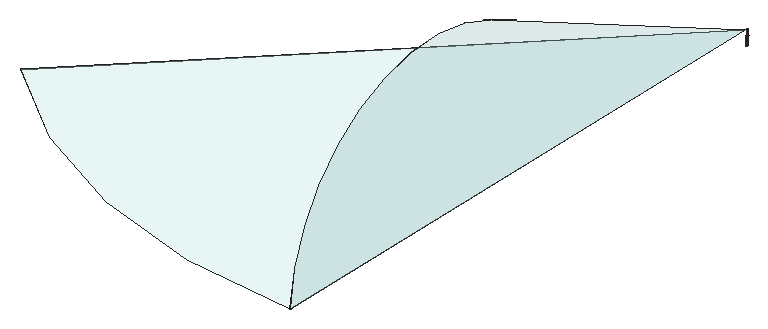
Revit family "Rotor 5000 Series - 5006+PCSAMRNP", category Acessórios do tubo, Revit 2020
Family settings
  Cota do conector redondo = Utilizar diâmetro
  Tipo de parte = Normal
  Número OmniClass = 23.60.30.11.14
  Título OmniClass = Pipework Fittings
  Com base no plano de trabalho = Não
  Sempre na vertical = Sim
  Corte com vazios quando carregada = Não
  Compartilhado = Não
Parameters (values of type "Rain Curtain 6.0")
  Water = Water
  URL = "https://www.rainbird.com/"
  TABLE 65 = "TABLE 65psi"
  TABLE 55 75 = "TABLE 55 75psi"
  TABLE 55 = "TABLE 55psi"
  TABLE 45 = "TABLE 45psi"
  TABLE 35 = "TABLE 35psi"
  TABLE 25 = "TABLE 25psi"
  SupportProjetos: Reviw Date = ""  # constant formula
  SupportProjetos: Reviw = "R00"  # constant formula
  SupportProjetos: Level of Detail = "LOD 300"  # constant formula
  SupportProjetos: Developed = "MICHEL SOARES MOTA"  # constant formula
  SupportProjetos: Creation Date = "07/08/2020"  # constant formula
  Side inlet = no
  Rotation Water Visibility [instance] = Pop up on  # yes
  Rotation Angle [instance] = 45.00°
  RainBird: Product Link = "https://www.rainbird.com/"
  RainBird: Description = "5006+PC-SAM-R-NP Rotor "  # constant formula
  RainBird: Comment [instance] = ""
  RainBird: Code = "Y65870NP"  # constant formula
  Radius [instance] = if(and(Pressure = 25.0 psi, Instance < 25 ft), size_lookup(TABLE 25, "Radius", 0 ft, Instance), if(and(Pressure = 35.0 psi, Instance < 25 ft), size_lookup(TABLE 35, "Radius", 0 ft, Instance), if(and(Pressure = 45.0 psi, Instance < 25 ft), size_lookup(TABLE 45, "Radius", 0 ft, Instance), if(and(Pressure = 55.0 psi, Instance < 13 ft), size_lookup(TABLE 55, "Radius", 0 ft, Instance), if(and(Pressure = 65.0 psi, Instance < 13 ft), size_lookup(TABLE 65, "Radius", 0 ft, Instance), if(and(Pressure > 55.0 psi, Instance > 13 ft), size_lookup(TABLE 55 75, "Radius", 0 ft, Instance), 0 ft))))))  # 50 ft
  RT = 0.009893 ft
  RN = 0.032808 ft
  R5 = 0.03937 ft
  R4 = 0.04101 ft
  R3 = 0.065617 ft
  R2 = 0.075407 ft
  R1 = 0.032808 ft
  Pressure [instance] = 55.0 psi
  Pop up height = 0.499 ft  # constant formula
  Pop up on [instance] = yes
  Modelo = "5006+PCSAMRNP"  # constant formula
  Instance = 7 ft
  H1 = Body height / 3  # 0.268 ft
  Flow [instance] = if(and(Pressure = 25.0 psi, Instance < 25 ft), size_lookup(TABLE 25, "Flow", 0.0 GPM, Instance), if(and(Pressure = 35.0 psi, Instance < 25 ft), size_lookup(TABLE 35, "Flow", 0.0 GPM, Instance), if(and(Pressure = 45.0 psi, Instance < 25 ft), size_lookup(TABLE 45, "Flow", 0.0 GPM, Instance), if(and(Pressure = 55.0 psi, Instance < 13 ft), size_lookup(TABLE 55, "Flow", 0.0 GPM, Instance), if(and(Pressure = 65.0 psi, Instance < 13 ft), size_lookup(TABLE 65, "Flow", 0.0 GPM, Instance), if(and(Pressure > 55.0 psi, Instance > 13 ft), size_lookup(TABLE 55 75, "Flow", 0.0 GPM, Instance), 0.0 GPM))))))  # 6.63 GPM
  Fabricante = "Rain Bird"
  Elevação padrão = 0 ft
  Description = RainBird: Description  # "5006+PC-SAM-R-NP Rotor "
  DD13 = 0.002625 ft
  DD12 = 0.003937 ft
  DD11 = 0.009897 ft
  DD10 = 0.016404 ft
  DD8 [instance] = if(Pop up on, Pop up height, 0 ft)  # 0.499 ft
  DD7 = 0.019685 ft
  DD6 [instance] = 0.016404 ft
  DD5 = 0.065617 ft
  DD4 = 0.032808 ft
  DD3 = 0.091048 ft
  DD2 [instance] = 0.024514 ft
  DD9 [instance] = if(Pop up on, Pop up height + 0.049541 ft, 0 ft)  # 0.548541 ft
  DD1 = 0.006562 ft
  Conection = 0.062664 ft  # constant formula
  Body height = 0.804 ft  # constant formula
  Blue = Blue Plastic
  Black Plastic = Black Plastic
  Angle = 25.00°
Types (25, lengths in ft): name | Rotation Angle | Radius | Pressure | Instance | Flow
  (no name) | 45.00° | 50 | 55.0 psi | 7 | 6.63 GPM
  Rain Curtain 1.5 | 180.00° | 33 | 25.0 psi | 1 | 1.12 GPM
  Rain Curtain 2.0 | 180.00° | 35 | 25.0 psi | 2 | 1.5 GPM
  Rain Curtain 3.0 | 180.00° | 36 | 25.0 psi | 4 | 2.26 GPM
  Rain Curtain 4.0 | 180.00° | 36 | 25.0 psi | 5 | 2.91 GPM
  Rain Curtain 5.0 | 180.00° | 37 | 25.0 psi | 6 | 3.72 GPM
  Rain Curtain 6.0 | 45.00° | 50 | 55.0 psi | 7 | 6.63 GPM
  Rain Curtain 8.0 | 180.00° | 33 | 25.0 psi | 8 | 5.9 GPM
  Rain Curtain 2.5 | 180.00° | 35 | 25.0 psi | 3 | 1.81 GPM
  1.0 LA | 180.00° | 25 | 25.0 psi | 9 | 0.76 GPM
  1.5 LA | 180.00° | 27 | 25.0 psi | 10 | 1.15 GPM
  2.0 LA | 180.00° | 29 | 25.0 psi | 11 | 1.47 GPM
  3.0 LA | 180.00° | 29 | 25.0 psi | 12 | 2.23 GPM
  PRS Rain Curtain 1.5 | 180.00° | 33 | 25.0 psi | 13 | 1.12 GPM
  PRS Rain Curtain 2.0 | 180.00° | 35 | 25.0 psi | 14 | 1.5 GPM
  PRS Rain Curtain 2.5 | 180.00° | 35 | 25.0 psi | 15 | 1.81 GPM
  PRS Rain Curtain 3.0 | 180.00° | 36 | 25.0 psi | 16 | 2.26 GPM
  PRS Rain Curtain 4.0 | 180.00° | 36 | 25.0 psi | 17 | 2.91 GPM
  PRS Rain Curtain 5.0 | 180.00° | 37 | 25.0 psi | 18 | 3.72 GPM
  PRS Rain Curtain 6.0 | 180.00° | 37 | 25.0 psi | 19 | 4.25 GPM
  PRS Rain Curtain 8.0 | 180.00° | 33 | 25.0 psi | 20 | 5.9 GPM
  PRS 1.0 LA | 180.00° | 25 | 25.0 psi | 21 | 0.76 GPM
  PRS 1.5 LA | 180.00° | 27 | 25.0 psi | 22 | 1.15 GPM
  PRS 2.0 LA | 180.00° | 29 | 25.0 psi | 23 | 1.47 GPM
  PRS 3.0 LA | 180.00° | 29 | 25.0 psi | 24 | 2.23 GPM
Reference planes (ft)
  plane 1 "Centro (Frente/Trás)": y = 0
  plane 2: z = 0
  plane 3 "Centro (Esquerda/Direita)": x = 0
  plane 4: z = 0.003937
  plane 5: z = 0.002625
  plane 6: y = -0.065617
Forms (ft)
  Revolve 1, solid, material "Black Plastic" <- "Black Plastic"
    sketch origin (0, 0, 0) x (1, 0, 0) y (0, 0, 1)
      loop
        line (0.075407, -0.091048) -> (0.075407, -0.035324)
        arc (0.075407, -0.035324) -> (0.072509, -0.028329) -> (0.065514, -0.025431) r 0.009893
        line (0.065514, -0.025431) -> (0.046098, -0.025431) -> (0.046098, 0) -> (0.03937, 0) -> (0.03937, -0.499) -> (0.019685, -0.499) -> (0.019685, -0.797438) -> (0.032808, -0.797438) -> (0.032808, -0.804) -> (0.04101, -0.804) -> (0.04101, -0.797438) -> (0.055724, -0.797438)
        arc (0.055724, -0.797438) -> (0.062719, -0.794541) -> (0.065617, -0.787545) r 0.009893
        line (0.065617, -0.787545) -> (0.065617, -0.091048) -> (0.075407, -0.091048)
      axis (0, -0.804) -> (0, 0)
    angle from 0 to 360
  Extrusion 2, solid, material "Black Plastic" <- "Black Plastic"
    sketch origin (0, 0, 0) x (1, 0, 0) y (0, 1, 0)
      loop
        circle (0, 0) r 0.032808
    from -0.499 to 0.499
  Extrusion 3, void
    sketch origin (0, 0, 0) x (1, 0, 0) y (0, 1, 0)
      loop
        circle (0, 0) r 0.022844
    from -0.499 to 0.499
  Revolve 4, solid, material "Black Plastic" <- "Black Plastic"
    sketch origin (0, 0, 0) x (1, 0, 0) y (0, 0, 1)
      loop
        line (0, 0.499) -> (0.037004, 0.499) -> (0.037004, 0.508897)
        arc (0.037004, 0.508897) -> (0.01879, 0.51379) -> (0, 0.515404) r 0.10685
        line (0, 0.515404) -> (0, 0.499)
      axis (0, 0.499) -> (0, 0.515404)
    angle from 0 to 360
  Extrusion 5, solid, material "Blue Plastic" <- "Blue"
    sketch origin (0, 0, 0) x (1, 0, 0) y (0, 0, 1)
      loop
        circle (0, 0.474486) r 0.009129
      loop
        circle (0, 0.474486) r 0.004793
    from 0 to 0.034386
  Extrusion 6, void
    sketch origin (0, 0, 0) x (1, 0, 0) y (0, 0, 1)
      loop
        line (-0.02074, 0.328055) -> (-0.02074, 0.282426) -> (0.020672, 0.282426) -> (0.020672, 0.328055) -> (-0.02074, 0.328055)
      loop
        line (-0.018439, 0.325179) -> (-0.018439, 0.285685) -> (0.018179, 0.285685) -> (0.018179, 0.325179) -> (-0.018439, 0.325179)
    from 0.024556 to 0.06931
  Extrusion 7, solid, material "Black Plastic" <- "Black Plastic"
    sketch origin (0, 0, 0) x (1, 0, 0) y (0, 0, 1)
      loop
        line (0.046098, 0) -> (0.046098, -0.036876) -> (0.073493, -0.036876) -> (0.046098, 0)
    from -0.002998 to 0.002998
  Extrusion 8, solid, material "Black Plastic" <- "Black Plastic"
    sketch origin (0, 0, 0) x (-1, 0, 0) y (0, 0, -1)
      loop
        line (0.046098, 0) -> (0.073493, 0.036876) -> (0.046098, 0.036876) -> (0.046098, 0)
    from -0.002998 to 0.002998
  Extrusion 9, solid, material "Black Plastic" <- "Black Plastic"
    sketch origin (0, 0, 0) x (0.866025, 0.5, 0) y (0, 0, 1)
      loop
        line (0.046098, 0) -> (0.046098, -0.036876) -> (0.073493, -0.036876) -> (0.046098, 0)
    from -0.002998 to 0.002998
  Extrusion 10, solid, material "Black Plastic" <- "Black Plastic"
    sketch origin (0, 0, 0) x (-0.866025, -0.5, 0) y (0, 0, -1)
      loop
        line (0.046098, 0) -> (0.073493, 0.036876) -> (0.046098, 0.036876) -> (0.046098, 0)
    from -0.002998 to 0.002998
  Extrusion 11, solid, material "Black Plastic" <- "Black Plastic"
    sketch origin (0, 0, 0) x (0, 1, 0) y (0, 0, 1)
      loop
        line (0.046098, 0) -> (0.046098, -0.036876) -> (0.073493, -0.036876) -> (0.046098, 0)
    from -0.002998 to 0.002998
  Extrusion 12, solid, material "Black Plastic" <- "Black Plastic"
    sketch origin (0, 0, 0) x (0, -1, 0) y (0, 0, -1)
      loop
        line (0.046098, 0) -> (0.073493, 0.036876) -> (0.046098, 0.036876) -> (0.046098, 0)
    from -0.002998 to 0.002998
  Extrusion 13, solid, material "Black Plastic" <- "Black Plastic"
    sketch origin (0, 0, 0) x (0.5, 0.866025, 0) y (0, 0, 1)
      loop
        line (0.046098, 0) -> (0.046098, -0.036876) -> (0.073493, -0.036876) -> (0.046098, 0)
    from -0.002998 to 0.002998
  Extrusion 14, solid, material "Black Plastic" <- "Black Plastic"
    sketch origin (0, 0, 0) x (-0.5, -0.866025, 0) y (0, 0, -1)
      loop
        line (0.046098, 0) -> (0.073493, 0.036876) -> (0.046098, 0.036876) -> (0.046098, 0)
    from -0.002998 to 0.002998
  Extrusion 15, solid, material "Black Plastic" <- "Black Plastic"
    sketch origin (0, 0, 0) x (-0.5, 0.866025, 0) y (0, 0, 1)
      loop
        line (0.046098, 0) -> (0.046098, -0.036876) -> (0.073493, -0.036876) -> (0.046098, 0)
    from -0.002998 to 0.002998
  Extrusion 16, solid, material "Black Plastic" <- "Black Plastic"
    sketch origin (0, 0, 0) x (0.5, -0.866025, 0) y (0, 0, -1)
      loop
        line (0.046098, 0) -> (0.073493, 0.036876) -> (0.046098, 0.036876) -> (0.046098, 0)
    from -0.002998 to 0.002998
  Extrusion 17, solid, material "Black Plastic" <- "Black Plastic"
    sketch origin (0, 0, 0) x (-0.866025, 0.5, 0) y (0, 0, 1)
      loop
        line (0.046098, 0) -> (0.046098, -0.036876) -> (0.073493, -0.036876) -> (0.046098, 0)
    from -0.002998 to 0.002998
  Extrusion 18, solid, material "Black Plastic" <- "Black Plastic"
    sketch origin (0, 0, 0) x (0.866025, -0.5, 0) y (0, 0, -1)
      loop
        line (0.046098, 0) -> (0.073493, 0.036876) -> (0.046098, 0.036876) -> (0.046098, 0)
    from -0.002998 to 0.002998
  Extrusion 19, void
    sketch origin (0, 0, 0) x (1, 0, 0) y (0, 1, 0)
      loop
        line (-0.002998, 0.077702) -> (-0.002998, 0.071655) -> (0.002998, 0.071655) -> (0.002998, 0.077702) -> (-0.002998, 0.077702)
    from -0.091048 to 0.82021
  Extrusion 20, void
    sketch origin (0, 0, 0) x (1, 0, 0) y (0, 1, 0)
      loop
        line (0.002998, -0.077702) -> (0.002998, -0.071655) -> (-0.002998, -0.071655) -> (-0.002998, -0.077702) -> (0.002998, -0.077702)
    from -0.091048 to 0.82021
  Extrusion 21, void
    sketch origin (0, 0, 0) x (0.965926, 0.258819, 0) y (-0.258819, 0.965926, 0)
      loop
        line (-0.002998, 0.077702) -> (-0.002998, 0.071655) -> (0.002998, 0.071655) -> (0.002998, 0.077702) -> (-0.002998, 0.077702)
    from -0.091048 to 0.82021
  Extrusion 22, void
    sketch origin (0, 0, 0) x (0.965926, 0.258819, 0) y (-0.258819, 0.965926, 0)
      loop
        line (0.002998, -0.077702) -> (0.002998, -0.071655) -> (-0.002998, -0.071655) -> (-0.002998, -0.077702) -> (0.002998, -0.077702)
    from -0.091048 to 0.82021
  Extrusion 23, void
    sketch origin (0, 0, 0) x (0.866025, 0.5, 0) y (-0.5, 0.866025, 0)
      loop
        line (-0.002998, 0.077702) -> (-0.002998, 0.071655) -> (0.002998, 0.071655) -> (0.002998, 0.077702) -> (-0.002998, 0.077702)
    from -0.091048 to 0.82021
  Extrusion 24, void
    sketch origin (0, 0, 0) x (0.866025, 0.5, 0) y (-0.5, 0.866025, 0)
      loop
        line (0.002998, -0.077702) -> (0.002998, -0.071655) -> (-0.002998, -0.071655) -> (-0.002998, -0.077702) -> (0.002998, -0.077702)
    from -0.091048 to 0.82021
  Extrusion 25, void
    sketch origin (0, 0, 0) x (0.5, 0.866025, 0) y (-0.866025, 0.5, 0)
      loop
        line (-0.002998, 0.077702) -> (-0.002998, 0.071655) -> (0.002998, 0.071655) -> (0.002998, 0.077702) -> (-0.002998, 0.077702)
    from -0.091048 to 0.82021
  Extrusion 26, void
    sketch origin (0, 0, 0) x (0.5, 0.866025, 0) y (-0.866025, 0.5, 0)
      loop
        line (0.002998, -0.077702) -> (0.002998, -0.071655) -> (-0.002998, -0.071655) -> (-0.002998, -0.077702) -> (0.002998, -0.077702)
    from -0.091048 to 0.82021
  Extrusion 27, void
    sketch origin (0, 0, 0) x (0.707107, 0.707107, 0) y (-0.707107, 0.707107, 0)
      loop
        line (-0.002998, 0.077702) -> (-0.002998, 0.071655) -> (0.002998, 0.071655) -> (0.002998, 0.077702) -> (-0.002998, 0.077702)
    from -0.091048 to 0.82021
  Extrusion 28, void
    sketch origin (0, 0, 0) x (0.707107, 0.707107, 0) y (-0.707107, 0.707107, 0)
      loop
        line (0.002998, -0.077702) -> (0.002998, -0.071655) -> (-0.002998, -0.071655) -> (-0.002998, -0.077702) -> (0.002998, -0.077702)
    from -0.091048 to 0.82021
  Extrusion 29, void
    sketch origin (0, 0, 0) x (0.258819, 0.965926, 0) y (-0.965926, 0.258819, 0)
      loop
        line (-0.002998, 0.077702) -> (-0.002998, 0.071655) -> (0.002998, 0.071655) -> (0.002998, 0.077702) -> (-0.002998, 0.077702)
    from -0.091048 to 0.82021
  Extrusion 30, void
    sketch origin (0, 0, 0) x (0.258819, 0.965926, 0) y (-0.965926, 0.258819, 0)
      loop
        line (0.002998, -0.077702) -> (0.002998, -0.071655) -> (-0.002998, -0.071655) -> (-0.002998, -0.077702) -> (0.002998, -0.077702)
    from -0.091048 to 0.82021
  Extrusion 31, void
    sketch origin (0, 0, 0) x (0, 1, 0) y (-1, 0, 0)
      loop
        line (-0.002998, 0.077702) -> (-0.002998, 0.071655) -> (0.002998, 0.071655) -> (0.002998, 0.077702) -> (-0.002998, 0.077702)
    from -0.091048 to 0.82021
  Extrusion 32, void
    sketch origin (0, 0, 0) x (0, 1, 0) y (-1, 0, 0)
      loop
        line (0.002998, -0.077702) -> (0.002998, -0.071655) -> (-0.002998, -0.071655) -> (-0.002998, -0.077702) -> (0.002998, -0.077702)
    from -0.091048 to 0.82021
  Extrusion 33, void
    sketch origin (0, 0, 0) x (-0.258819, 0.965926, 0) y (-0.965926, -0.258819, 0)
      loop
        line (-0.002998, 0.077702) -> (-0.002998, 0.071655) -> (0.002998, 0.071655) -> (0.002998, 0.077702) -> (-0.002998, 0.077702)
    from -0.091048 to 0.82021
  Extrusion 34, void
    sketch origin (0, 0, 0) x (-0.258819, 0.965926, 0) y (-0.965926, -0.258819, 0)
      loop
        line (0.002998, -0.077702) -> (0.002998, -0.071655) -> (-0.002998, -0.071655) -> (-0.002998, -0.077702) -> (0.002998, -0.077702)
    from -0.091048 to 0.82021
  Extrusion 35, void
    sketch origin (0, 0, 0) x (-0.5, 0.866025, 0) y (-0.866025, -0.5, 0)
      loop
        line (-0.002998, 0.077702) -> (-0.002998, 0.071655) -> (0.002998, 0.071655) -> (0.002998, 0.077702) -> (-0.002998, 0.077702)
    from -0.091048 to 0.82021
  Extrusion 36, void
    sketch origin (0, 0, 0) x (-0.5, 0.866025, 0) y (-0.866025, -0.5, 0)
      loop
        line (0.002998, -0.077702) -> (0.002998, -0.071655) -> (-0.002998, -0.071655) -> (-0.002998, -0.077702) -> (0.002998, -0.077702)
    from -0.091048 to 0.82021
  Extrusion 37, void
    sketch origin (0, 0, 0) x (-0.707107, 0.707107, 0) y (-0.707107, -0.707107, 0)
      loop
        line (-0.002998, 0.077702) -> (-0.002998, 0.071655) -> (0.002998, 0.071655) -> (0.002998, 0.077702) -> (-0.002998, 0.077702)
    from -0.091048 to 0.82021
  Extrusion 38, void
    sketch origin (0, 0, 0) x (-0.707107, 0.707107, 0) y (-0.707107, -0.707107, 0)
      loop
        line (0.002998, -0.077702) -> (0.002998, -0.071655) -> (-0.002998, -0.071655) -> (-0.002998, -0.077702) -> (0.002998, -0.077702)
    from -0.091048 to 0.82021
  Extrusion 39, void
    sketch origin (0, 0, 0) x (-0.866025, 0.5, 0) y (-0.5, -0.866025, 0)
      loop
        line (-0.002998, 0.077702) -> (-0.002998, 0.071655) -> (0.002998, 0.071655) -> (0.002998, 0.077702) -> (-0.002998, 0.077702)
    from -0.091048 to 0.82021
  Extrusion 40, void
    sketch origin (0, 0, 0) x (-0.866025, 0.5, 0) y (-0.5, -0.866025, 0)
      loop
        line (0.002998, -0.077702) -> (0.002998, -0.071655) -> (-0.002998, -0.071655) -> (-0.002998, -0.077702) -> (0.002998, -0.077702)
    from -0.091048 to 0.82021
  Extrusion 41, void
    sketch origin (0, 0, 0) x (-0.965926, 0.258819, 0) y (-0.258819, -0.965926, 0)
      loop
        line (-0.002998, 0.077702) -> (-0.002998, 0.071655) -> (0.002998, 0.071655) -> (0.002998, 0.077702) -> (-0.002998, 0.077702)
    from -0.091048 to 0.82021
  Extrusion 42, void
    sketch origin (0, 0, 0) x (-0.965926, 0.258819, 0) y (-0.258819, -0.965926, 0)
      loop
        line (0.002998, -0.077702) -> (0.002998, -0.071655) -> (-0.002998, -0.071655) -> (-0.002998, -0.077702) -> (0.002998, -0.077702)
    from -0.091048 to 0.82021
  Extrusion 43, solid, material "Water" <- "Water", visible <- "Rotation Water Visibility"
    sketch origin (0, 0, 0) x (0, 1, 0) y (0, 0, 1)
      loop
        line (-0.032808, 0.474486) -> (-27.969074, 13.50138)
        arc (-27.969074, 13.50138) -> (-42.432078, 12.799272) -> (-50.032808, 0.474486) r 15.534311
        line (-50.032808, 0.474486) -> (-0.032808, 0.474486)
    from -0.008202 to 0.008202
Cuts and joins
  Extrusion 3, Extrusion 6 cuts Extrusion 2
  Extrusion 19, Extrusion 20, Extrusion 21, Extrusion 22, Extrusion 23, Extrusion 24, Extrusion 25, Extrusion 26, Extrusion 27, Extrusion 28, Extrusion 29, Extrusion 30, Extrusion 31, Extrusion 32, Extrusion 33, Extrusion 34, Extrusion 35, Extrusion 36, Extrusion 37, Extrusion 38, Extrusion 39, Extrusion 40, Extrusion 41, Extrusion 42 cuts Revolve 1
Dimensions and locks (ft)
  "Body height": level to Revolve 1 sketch curve
  "R2": Revolve 1 sketch curve to plane 3 "Centro (Esquerda/Direita)"
  "DD1": Revolve 1 sketch curve to Revolve 1 sketch curve
  "DD3": level to Revolve 1 sketch curve
  Revolve 1 sketch curve to plane 3 "Centro (Esquerda/Direita)" = 0.065617 ft
  "R4": Revolve 1 sketch curve to plane 3 "Centro (Esquerda/Direita)"
  "RN": Revolve 1 sketch curve to plane 3 "Centro (Esquerda/Direita)"
  "Pop up height": level to Revolve 1 sketch curve
  "R5": plane 3 "Centro (Esquerda/Direita)" to Revolve 1 sketch curve
  "DD7": Revolve 1 sketch curve to plane 3 "Centro (Esquerda/Direita)"
  "DD8": Extrusion 2 to level
  "DD12": plane 4 to level
  "DD13": plane 5 to level
  "R3": plane 6 to plane 1 "Centro (Frente/Trás)"
  "DD5": Revolve 1 sketch curve to Revolve 1 sketch curve
  "DD10": Revolve 4 sketch curve to Revolve 4 sketch curve
  "DD11": Revolve 4 sketch curve to Revolve 4 sketch curve
  "DD2": Revolve 4 to Extrusion 5 sketch curve  (x2)
  Extrusion 7 to plane 3 "Centro (Esquerda/Direita)" = 0.046098 ft
  equal spacing: Extrusion 7, plane 1 "Centro (Frente/Trás)", Extrusion 7
  Extrusion 8 to Extrusion 8 = 0.005995 ft
  Extrusion 9 to Extrusion 9 = 0.005995 ft
  Extrusion 20 sketch curve to Extrusion 20 sketch curve = 0.005995 ft
  Extrusion 22 sketch curve to Extrusion 22 sketch curve = 0.005995 ft
  Extrusion 24 sketch curve to Extrusion 24 sketch curve = 0.005995 ft
  Extrusion 26 sketch curve to Extrusion 26 sketch curve = 0.005995 ft
  Extrusion 28 sketch curve to Extrusion 28 sketch curve = 0.005995 ft
  Extrusion 30 sketch curve to Extrusion 30 sketch curve = 0.005995 ft
  Extrusion 32 sketch curve to Extrusion 32 sketch curve = 0.005995 ft
  Extrusion 34 sketch curve to Extrusion 34 sketch curve = 0.005995 ft
  Extrusion 36 sketch curve to Extrusion 36 sketch curve = 0.005995 ft
  Extrusion 38 sketch curve to Extrusion 38 sketch curve = 0.005995 ft
  Extrusion 40 sketch curve to Extrusion 40 sketch curve = 0.005995 ft
  Extrusion 42 sketch curve to Extrusion 42 sketch curve = 0.005995 ft
  "DD4": plane 1 "Centro (Frente/Trás)" to Extrusion 43 sketch curve
  "DD2": Revolve 4 to Extrusion 43 sketch curve
  "Radius": Extrusion 43 sketch curve to Extrusion 43 sketch curve
  equal spacing: Extrusion 43, plane 3 "Centro (Esquerda/Direita)", Extrusion 43
  "DD6": Extrusion 43 to Extrusion 43
  "DD2": Revolve 4 to nested 1
  "RT": radius of Revolve 1 sketch curve  (x2)
  "R1": radius of Extrusion 2 sketch curve
  "Angle": angle Extrusion 43 sketch curve to Extrusion 43 sketch curve
  aligned and locked: level to plane 2
  aligned and locked: Revolve 1 sketch curve to Revolve 1 sketch curve
  aligned and locked: Extrusion 2 to Revolve 1
  aligned and locked: cut or joined group of Extrusion 2, Extrusion 3, Extrusion 6 to cut or joined group of Extrusion 2, Extrusion 3, Extrusion 6  (x2)
  aligned and locked: Revolve 4 sketch curve to cut or joined group of Extrusion 2, Extrusion 3, Extrusion 6
  aligned and locked: Extrusion 20 to Revolve 1
  aligned and locked: Extrusion 22 to Revolve 1
  aligned and locked: Extrusion 24 to Revolve 1
  aligned and locked: Extrusion 28 to Revolve 1
  aligned and locked: Extrusion 26 to Revolve 1
  aligned and locked: Extrusion 30 to Revolve 1
  aligned and locked: Extrusion 32 to Revolve 1
  aligned and locked: Extrusion 34 to Revolve 1
  aligned and locked: Revolve 1 to Extrusion 36
  aligned and locked: Revolve 1 to Extrusion 38
  aligned and locked: Extrusion 41 to Revolve 1
  aligned and locked: Extrusion 39 to Revolve 1
  aligned and locked: Extrusion 37 to Revolve 1
  aligned and locked: Extrusion 35 to Revolve 1
  aligned and locked: Extrusion 33 to Revolve 1
  aligned and locked: Extrusion 31 to Revolve 1
  aligned and locked: Extrusion 29 to Revolve 1
  aligned and locked: Revolve 1 to Extrusion 25
  aligned and locked: Revolve 1 to Extrusion 27
  aligned and locked: Revolve 1 to Extrusion 19
  aligned and locked: Revolve 1 to Extrusion 21
  aligned and locked: Revolve 1 to Extrusion 42
  aligned and locked: Revolve 1 to Extrusion 40
  aligned and locked: Revolve 1 to Extrusion 23
Automatic sketch dimensions
  plane 1 "Centro (Frente/Trás)" to Extrusion 2 sketch curve = 0 ft
  Extrusion 2 sketch curve to plane 3 "Centro (Esquerda/Direita)" = 0 ft
  plane 1 "Centro (Frente/Trás)" to Extrusion 3 sketch curve = 0 ft
  Extrusion 3 sketch curve to plane 3 "Centro (Esquerda/Direita)" = 0 ft
  Revolve 4 sketch curve to plane 3 "Centro (Esquerda/Direita)" = 0 ft  (x2)
  plane 3 "Centro (Esquerda/Direita)" to Revolve 4 sketch curve = 0.000284 ft
  plane 3 "Centro (Esquerda/Direita)" to Revolve 4 sketch curve = 0.037004 ft
  Revolve 4 sketch curve to Revolve 4 sketch curve = 0.015719 ft
  Revolve 4 sketch curve to Revolve 4 sketch curve = 0.114829 ft
  Extrusion 5 sketch curve to Extrusion 5 sketch curve = 0 ft
  Extrusion 5 sketch curve to plane 3 "Centro (Esquerda/Direita)" = 0 ft
  Extrusion 6 sketch curve to plane 3 "Centro (Esquerda/Direita)" = 0.02074 ft
  Extrusion 6 sketch curve to Extrusion 6 sketch curve = 0.002301 ft
  plane 3 "Centro (Esquerda/Direita)" to Extrusion 6 sketch curve = 0.018179 ft
  Extrusion 6 sketch curve to Extrusion 6 sketch curve = 0.002492 ft
  plane 4 to Extrusion 6 sketch curve = 0.278489 ft
  Extrusion 6 sketch curve to Extrusion 6 sketch curve = 0.003259 ft
  Extrusion 6 sketch curve to Extrusion 6 sketch curve = 0.039494 ft
  Extrusion 6 sketch curve to Extrusion 6 sketch curve = 0.002876 ft
  Extrusion 7 sketch curve to level = 0 ft
  plane 3 "Centro (Esquerda/Direita)" to Extrusion 7 sketch curve = 0.046098 ft
  Extrusion 7 sketch curve to Extrusion 7 sketch curve = 0.027396 ft
  Extrusion 7 sketch curve to Extrusion 7 sketch curve = 0.036876 ft
  Extrusion 8 sketch curve to level = 0 ft
  plane 3 "Centro (Esquerda/Direita)" to Extrusion 8 sketch curve = 0.046098 ft
  Extrusion 8 sketch curve to Extrusion 8 sketch curve = 0.027396 ft
  Extrusion 8 sketch curve to Extrusion 8 sketch curve = 0.036876 ft
  Extrusion 9 sketch curve to level = 0 ft
  Extrusion 9 sketch curve to level = 0.036876 ft
  Extrusion 9 sketch curve to Extrusion 9 sketch curve = 0.027396 ft
  Extrusion 10 sketch curve to level = 0 ft
  Extrusion 10 sketch curve to level = 0.036876 ft
  Extrusion 10 sketch curve to Extrusion 10 sketch curve = 0.027396 ft
  Extrusion 11 sketch curve to level = 0 ft
  Extrusion 11 sketch curve to plane 1 "Centro (Frente/Trás)" = 0.046098 ft
  Extrusion 11 sketch curve to Extrusion 11 sketch curve = 0.027396 ft
  Extrusion 11 sketch curve to Extrusion 11 sketch curve = 0.036876 ft
  Extrusion 12 sketch curve to level = 0 ft
  plane 6 to Extrusion 12 sketch curve = 0.019519 ft
  Extrusion 12 sketch curve to plane 6 = 0.007877 ft
  Extrusion 12 sketch curve to level = 0.036876 ft
  Extrusion 13 sketch curve to level = 0 ft
  Extrusion 13 sketch curve to level = 0.036876 ft
  Extrusion 13 sketch curve to Extrusion 13 sketch curve = 0.027396 ft
  Extrusion 14 sketch curve to level = 0 ft
  Extrusion 14 sketch curve to level = 0.036876 ft
  Extrusion 14 sketch curve to Extrusion 14 sketch curve = 0.027396 ft
  level to Extrusion 15 sketch curve = 0 ft
  Extrusion 15 sketch curve to level = 0.036876 ft
  Extrusion 15 sketch curve to Extrusion 15 sketch curve = 0.027396 ft
  level to Extrusion 16 sketch curve = 0 ft
  Extrusion 16 sketch curve to level = 0.036876 ft
  Extrusion 16 sketch curve to Extrusion 16 sketch curve = 0.027396 ft
  level to Extrusion 17 sketch curve = 0 ft
  Extrusion 17 sketch curve to level = 0.036876 ft
  Extrusion 17 sketch curve to Extrusion 17 sketch curve = 0.027396 ft
  level to Extrusion 18 sketch curve = 0 ft
  Extrusion 18 sketch curve to level = 0.036876 ft
  Extrusion 18 sketch curve to Extrusion 18 sketch curve = 0.027396 ft
  Extrusion 19 sketch curve to plane 3 "Centro (Esquerda/Direita)" = 0.002998 ft
  Extrusion 19 sketch curve to plane 1 "Centro (Frente/Trás)" = 0.071655 ft
  Extrusion 19 sketch curve to Extrusion 19 sketch curve = 0.006047 ft
  plane 3 "Centro (Esquerda/Direita)" to Extrusion 20 sketch curve = 0.002998 ft
  plane 6 to Extrusion 20 sketch curve = 0.006038 ft
  Extrusion 20 sketch curve to Extrusion 20 sketch curve = 0.006047 ft
  plane 3 "Centro (Esquerda/Direita)" to Extrusion 19 sketch curve = 0.002998 ft
  Extrusion 21 sketch curve to plane 3 "Centro (Esquerda/Direita)" = 0.021441 ft
  Extrusion 21 sketch curve to plane 1 "Centro (Frente/Trás)" = 0.068438 ft
  Extrusion 21 sketch curve to Extrusion 21 sketch curve = 0.005995 ft
  Extrusion 21 sketch curve to Extrusion 21 sketch curve = 0.006047 ft
  Extrusion 22 sketch curve to plane 6 = 0.010213 ft
  plane 3 "Centro (Esquerda/Direita)" to Extrusion 22 sketch curve = 0.017215 ft
  Extrusion 22 sketch curve to Extrusion 22 sketch curve = 0.006047 ft
  Extrusion 23 sketch curve to plane 3 "Centro (Esquerda/Direita)" = 0.038424 ft
  Extrusion 23 sketch curve to plane 1 "Centro (Frente/Trás)" = 0.060556 ft
  Extrusion 23 sketch curve to Extrusion 23 sketch curve = 0.005995 ft
  Extrusion 23 sketch curve to Extrusion 23 sketch curve = 0.006047 ft
  Extrusion 24 sketch curve to plane 6 = 0.003174 ft
  plane 3 "Centro (Esquerda/Direita)" to Extrusion 24 sketch curve = 0.036255 ft
  Extrusion 24 sketch curve to Extrusion 24 sketch curve = 0.006047 ft
  Extrusion 25 sketch curve to plane 1 "Centro (Frente/Trás)" = 0.033231 ft
  Extrusion 25 sketch curve to plane 3 "Centro (Esquerda/Direita)" = 0.063554 ft
  Extrusion 25 sketch curve to Extrusion 25 sketch curve = 0.005995 ft
  Extrusion 25 sketch curve to Extrusion 25 sketch curve = 0.006047 ft
  Extrusion 26 sketch curve to plane 6 = 0.02417 ft
  Extrusion 26 sketch curve to plane 3 "Centro (Esquerda/Direita)" = 0.065793 ft
  Extrusion 26 sketch curve to Extrusion 26 sketch curve = 0.006047 ft
  Extrusion 27 sketch curve to plane 1 "Centro (Frente/Trás)" = 0.048548 ft
  Extrusion 27 sketch curve to plane 3 "Centro (Esquerda/Direita)" = 0.052787 ft
  Extrusion 27 sketch curve to Extrusion 27 sketch curve = 0.005995 ft
  Extrusion 27 sketch curve to Extrusion 27 sketch curve = 0.006047 ft
  plane 6 to Extrusion 28 sketch curve = 0.008554 ft
  plane 3 "Centro (Esquerda/Direita)" to Extrusion 28 sketch curve = 0.052824 ft
  Extrusion 28 sketch curve to Extrusion 28 sketch curve = 0.006047 ft
  Extrusion 29 sketch curve to plane 1 "Centro (Frente/Trás)" = 0.01565 ft
  Extrusion 29 sketch curve to plane 3 "Centro (Esquerda/Direita)" = 0.069989 ft
  Extrusion 29 sketch curve to Extrusion 29 sketch curve = 0.005995 ft
  Extrusion 29 sketch curve to Extrusion 29 sketch curve = 0.006047 ft
  plane 1 "Centro (Frente/Trás)" to Extrusion 30 sketch curve = 0.023006 ft
  plane 3 "Centro (Esquerda/Direita)" to Extrusion 30 sketch curve = 0.074278 ft
  Extrusion 30 sketch curve to Extrusion 30 sketch curve = 0.006047 ft
  plane 1 "Centro (Frente/Trás)" to Extrusion 31 sketch curve = 0.002998 ft
  Extrusion 31 sketch curve to plane 1 "Centro (Frente/Trás)" = 0.002998 ft
  Extrusion 31 sketch curve to plane 3 "Centro (Esquerda/Direita)" = 0.071655 ft
  Extrusion 31 sketch curve to Extrusion 31 sketch curve = 0.006047 ft
  plane 1 "Centro (Frente/Trás)" to Extrusion 32 sketch curve = 0.002998 ft
  plane 3 "Centro (Esquerda/Direita)" to Extrusion 32 sketch curve = 0.077702 ft
  Extrusion 32 sketch curve to Extrusion 32 sketch curve = 0.006047 ft
  plane 1 "Centro (Frente/Trás)" to Extrusion 33 sketch curve = 0.021441 ft
  Extrusion 33 sketch curve to plane 3 "Centro (Esquerda/Direita)" = 0.068438 ft
  Extrusion 33 sketch curve to Extrusion 33 sketch curve = 0.005995 ft
  Extrusion 33 sketch curve to Extrusion 33 sketch curve = 0.006047 ft
  Extrusion 34 sketch curve to plane 1 "Centro (Frente/Trás)" = 0.017215 ft
  plane 3 "Centro (Esquerda/Direita)" to Extrusion 34 sketch curve = 0.07583 ft
  Extrusion 34 sketch curve to Extrusion 34 sketch curve = 0.006047 ft
  plane 6 to Extrusion 35 sketch curve = 0.027193 ft
  Extrusion 35 sketch curve to plane 3 "Centro (Esquerda/Direita)" = 0.060556 ft
  Extrusion 35 sketch curve to Extrusion 35 sketch curve = 0.005995 ft
  Extrusion 35 sketch curve to Extrusion 35 sketch curve = 0.006047 ft
  Extrusion 36 sketch curve to plane 1 "Centro (Frente/Trás)" = 0.036255 ft
  plane 3 "Centro (Esquerda/Direita)" to Extrusion 36 sketch curve = 0.068791 ft
  Extrusion 36 sketch curve to Extrusion 36 sketch curve = 0.006047 ft
  plane 6 to Extrusion 37 sketch curve = 0.012829 ft
  Extrusion 37 sketch curve to plane 3 "Centro (Esquerda/Direita)" = 0.048548 ft
  Extrusion 37 sketch curve to Extrusion 37 sketch curve = 0.005995 ft
  Extrusion 37 sketch curve to Extrusion 37 sketch curve = 0.006047 ft
  Extrusion 38 sketch curve to plane 1 "Centro (Frente/Trás)" = 0.052824 ft
  plane 3 "Centro (Esquerda/Direita)" to Extrusion 38 sketch curve = 0.057063 ft
  Extrusion 38 sketch curve to Extrusion 38 sketch curve = 0.006047 ft
  plane 6 to Extrusion 39 sketch curve = 0.002063 ft
  Extrusion 39 sketch curve to plane 3 "Centro (Esquerda/Direita)" = 0.033231 ft
  Extrusion 39 sketch curve to Extrusion 39 sketch curve = 0.005995 ft
  Extrusion 39 sketch curve to Extrusion 39 sketch curve = 0.006047 ft
  plane 3 "Centro (Esquerda/Direita)" to Extrusion 40 sketch curve = 0.041447 ft
  Extrusion 40 sketch curve to plane 1 "Centro (Frente/Trás)" = 0.065793 ft
  Extrusion 40 sketch curve to Extrusion 40 sketch curve = 0.006047 ft
  Extrusion 41 sketch curve to plane 6 = 0.004372 ft
  Extrusion 41 sketch curve to plane 3 "Centro (Esquerda/Direita)" = 0.01565 ft
  Extrusion 41 sketch curve to Extrusion 41 sketch curve = 0.005995 ft
  Extrusion 41 sketch curve to Extrusion 41 sketch curve = 0.006047 ft
  plane 3 "Centro (Esquerda/Direita)" to Extrusion 42 sketch curve = 0.023006 ft
  Extrusion 42 sketch curve to plane 1 "Centro (Frente/Trás)" = 0.074278 ft
  Extrusion 42 sketch curve to Extrusion 42 sketch curve = 0.006047 ft
  Revolve 1 sketch curve to plane 3 "Centro (Esquerda/Direita)" = 0 ft
  Revolve 1 sketch curve to level = 0 ft
  Revolve 1 sketch curve to Revolve 1 sketch curve = 0.019416 ft
  plane 4 to Revolve 1 sketch curve = 0.079347 ft
  Revolve 1 sketch curve to Revolve 1 sketch curve = 0.918635 ft
  Extrusion 43 sketch curve to level = 0.577487 ft
  radius of Extrusion 3 sketch curve = 0.022844 ft
  radius of Extrusion 5 sketch curve = 0.009129 ft
  radius of Extrusion 5 sketch curve = 0.004793 ft
Nested families (ft)
  nested 1: "Water" at (-0.000225, 0, 0.355227) x (0, -1, 0) z (0, 0, 1), DT9 <- "DD4", Radius <- "Radius", visible <- "Rotation Water Visibility", Rotation Angle <- "Rotation Angle", type "Water"
    with Rotation Angle 45.00°, Radius 50 ft, DT9 0.032808 ft, DT8 0 ft, DT7 200 ft, DT4 250 ft, Angle 2 315.00°
Connectors (ft)
  piping at (0, 0, -0.804), diameter 2
    settings: on cut or joined group of Revolve 1, Extrusion 19, Extrusion 20, Extrusion 21, Extrusion 22, Extrusion 23, Extrusion 24, Extrusion 25, Extrusion 26, Extrusion 27, Extrusion 28, Extrusion 29, Extrusion 30, Extrusion 31, Extrusion 32, Extrusion 33, Extrusion 34, Extrusion 35, Extrusion 36, Extrusion 37, Extrusion 38, Extrusion 39, Extrusion 40, Extrusion 41, Extrusion 42, index 1, connector inside diameter 609.6 mm, connector length 0 ft, flow factor 0, pipe flow 0.0 GPM, pressure drop 0.0 psi, fitting loss kfactor 0, connector angle 0.00°, fixture units 0, engagement length 0 ft, angle of deflection 0.00°, flow configuration 0, flow direction 0, fitting loss method 0, system type 28, joint type 0, gender type 0, connector reference index -1, connector utility 0, adjustable connector no, is connector primary yes, connector description ""
Definition of nested family "Water"
  Parameters (values of type "Water")
    Water Visibility (Circle) = yes
    Water = none
    URL = ""
    SupportProjetos: Reviw Date = ""  # constant formula
    SupportProjetos: Level of Detail = "LOD 300"  # constant formula
    SupportProjetos: Developed = "MICHEL SOARES MOTA"  # constant formula
    SupportProjetos: Creation Date = "16/07/2020"  # constant formula
    Rotation Angle [instance] = 90.00°
    Reviw = "R00"  # constant formula
    Radius [instance] = 14 ft
    Model = ""
    Default Elevation = 4 ft
    Description = ""
    DT9 [instance] = 0.032808 ft
    DT8 [instance] = if(Rotation Angle = 360.00°, 10 ft, 0 ft)  # 0 ft
    DT7 [instance] = 4 * Radius  # 56 ft
    DT4 [instance] = 5 * Radius  # 70 ft
    DT2 = 0.098425 ft  # constant formula
    DT6 = 0 ft
    Angle 2 [instance] = if(Rotation Angle = 360.00°, 180.00°, 360.00° - Rotation Angle)  # 270.00°
  Reference planes (ft)
    plane 1 "Centro (Frente/Trás)": y = 0
    plane 2: z = 0
    plane 3 "Centro (Esquerda/Direita)": x = 0
  Forms (ft)
    Revolve 1, solid, material <- "Water", visible <- "Water Visibility (Circle)"
      sketch origin (0, 0, 0) x (1, 0, 0) y (0, 0, 1)
        loop
          line (0.032808, 0.098425) -> (14.032808, 0.098425) -> (14.032808, 0.119259) -> (0.032808, 0.119259) -> (0.032808, 0.098425)
        axis (0, 0.098425) -> (0, 0.119259)
      angle from 0 to 360
    Extrusion 2, void
      sketch origin (0, 0, 0) x (1, 0, 0) y (0, 1, 0)
        loop
          line (0, 0) -> (70, 0) -> (70, 56)
          arc (70, 56) -> (-70.459018, 51.588344) -> (0, -70) r 81.847109
          line (0, -70) -> (0, 0)
      from 0 to 15.189231
  Cuts and joins
    Extrusion 2 cuts Revolve 1
  Dimensions and locks (ft)
    "DT2": Revolve 1 sketch curve to level
    "DT4": Extrusion 2 sketch curve to Extrusion 2 sketch curve  (x2)
    "DT6": Extrusion 2 sketch curve to plane 3 "Centro (Esquerda/Direita)"
    "DT7": Extrusion 2 sketch curve to Extrusion 2 sketch curve
    "DT8": cut or joined group of Revolve 1, Extrusion 2 to level
    "Radius": Revolve 1 sketch curve to Revolve 1 sketch curve
    "DT9": Revolve 1 sketch curve to plane 3 "Centro (Esquerda/Direita)"
    "Angle 2": angle Extrusion 2 sketch curve to Extrusion 2 sketch curve
    aligned and locked: level to plane 2
    aligned and locked: plane 1 "Centro (Frente/Trás)" to Extrusion 2 sketch curve
  Automatic sketch dimensions
    plane 3 "Centro (Esquerda/Direita)" to Extrusion 2 sketch curve = 1.088227 ft
    Revolve 1 sketch curve to plane 3 "Centro (Esquerda/Direita)" = 0 ft
    Revolve 1 sketch curve to Revolve 1 sketch curve = 0.020833 ft
    Revolve 1 sketch curve to Revolve 1 sketch curve = 0.032113 ft
    Revolve 1 sketch curve to Revolve 1 sketch curve = 10.2693 ft
